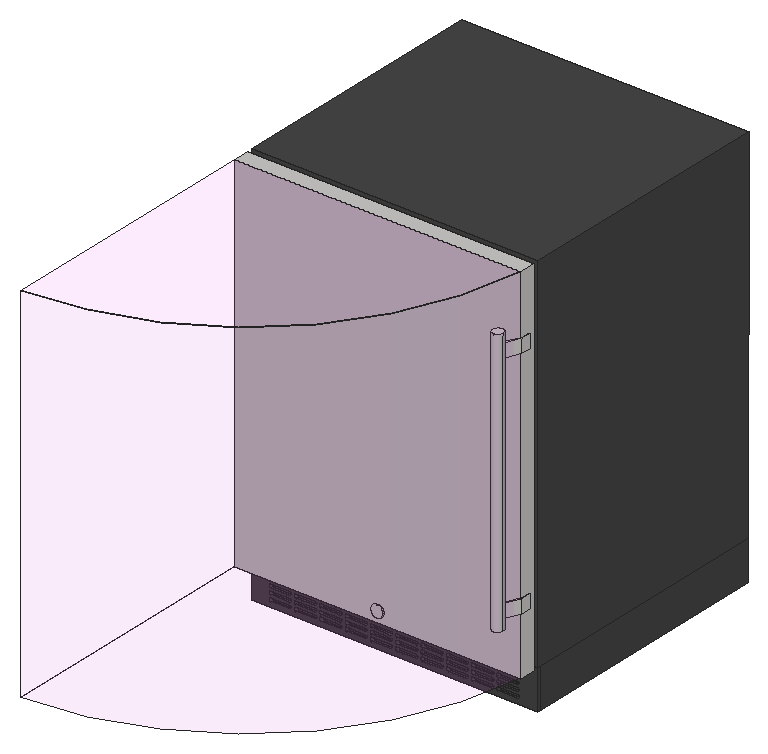
Revit family "QF_Summit_FF64BSS_Refrigerator", category Specialty Equipment, Revit 2020
Family settings
  Round Connector Dimension = Use Diameter
  Part Type = Normal
  Work Plane-Based = No
  Always vertical = Yes
  Cut with Voids When Loaded = No
  Shared = No
  Room Calculation Point = No
Parameters
  Weight in Pounds = 95
  Watts = Volts * FL Amps  # 92 W
  Volts = 115 V
  URL Cutsheet = ""
  Specification by User = ""
  Specification by Manufacturer = ""
  Show LHD [instance] = yes
  Right Hinged Door [instance] = not(Show LHD)  # no
  Serial Number = ""
  Seismic Rating = ""
  SMACNA No = ""
  Revision Code = ""
  Refrigerant Volume = 0.00 kip
  Refrigerant Type = "R600a"
  Phase = 1
  Number of Poles = 1
  NAFEM Spec ID Number = ""
  Model = "FF64BSS"
  Min Ckt Ampacity = 0 A
  Max Overcurrent Protection = 0 A
  Masterspec = ""
  Manufacturer = "Summit"
  Length = 23 5/8"
  Item Number = ""
  Installed By = ""
  Identify Quantity as Lot = yes
  Height = 34"
  HP = ""
  Furnished By = ""
  Foodservice Equipment Identifier = yes
  FL Amps = 0.8 A
  Electrical Remarks = ""
  Electric Connection Type = ""
  Elec Conn RI Height = 0"
  Elec Conn Connection Height = 0"
  Description = "Refrigerator"
  Depth = 23 1/2"
  Default Elevation = 0"
  Cycle = 60 Hz
  Conn Plug = ""
  Conn Conduit = yes
  CSI MasterFormat = ""
  BTUH = 0.0 Btu/h
  Apparent Power = if(Phase = 3, Volts * FL Amps * 1.73, Volts * FL Amps)  # 92 VA
Reference planes (in)
  plane 1 "BACK": y = 0
  plane 2: z = 0
  plane 3 "LEFT": x = 0
  plane 4 "RIGHT": x = 23.625
  plane 5 "FRONT": y = -23.5
  plane 6 "TOP": z = 34
  plane 7 "Center Y": x = 11.8125
  plane 8 "Center X": y = -11.75
  plane 9: y = -25.375
  plane 10: y = -45.625
  plane 11: z = 0.625
  plane 12: z = 3.875
  plane 13: x = 20.625
  plane 14: z = 29.93407
  plane 15: z = 7.94461
  plane 16: y = -21.75
Forms (in)
  Extrusion 1, solid, material "QF_Metallic_Paint_Black_Smooth"
    sketch origin (-4.07558, -180, 0.25) x (-1, 0, 0) y (0, -1, 0)
      loop
        line (-4.07558, -180) -> (-4.07558, -158.25) -> (-27.70058, -158.25) -> (-27.70058, -180) -> (-4.07558, -180)
    from 3.625 to 33.75
  Extrusion 2, solid, material "QF_Metal_Stainless_Polished"
    sketch origin (-5.77638, -181.125, 3.5) x (-1, 0, 0) y (0, -1, 0)
      loop
        line (-5.77638, -157.625) -> (-29.40138, -157.625) -> (-29.40138, -158.95152) -> (-5.77638, -158.95152) -> (-5.77638, -157.625)
    from 0.375 to 30.5
  Extrusion 3, solid, material "QF_Metallic_Paint_Black_Smooth"
    sketch origin (23.5, -22.17348, 3.5) x (-1, 0, 0) y (0, 0, 1)
      loop
        line (0.375, 0.875) -> (23, 0.875) -> (23, 30) -> (0.375, 30) -> (0.375, 0.875)
    from 0 to 0.42348
  Extrusion 4, solid, material "QF_Metal_Stainless_Polished", visible <- "Right Hinged Door"
    sketch origin (-2.3334, -181.3739, 28.75794) x (-1, 0, 0) y (0, -1, 0)
      loop
        line (-2.3334, -158.625) -> (-2.2084, -158.625) -> (-2.2084, -157.84805) -> (-2.68587, -156.74311) -> (-3.38781, -156.74311) -> (-3.38781, -156.86811) -> (-2.76803, -156.86811) -> (-2.3334, -157.8739) -> (-2.3334, -158.625)
    from 0.37098 to -0.75
  Extrusion 5, solid, material "QF_Metal_Stainless_Polished", visible <- "Right Hinged Door"
    sketch origin (-5.58148, -181.3739, 20.5) x (-1, 0, 0) y (0, -1, 0)
      loop
        circle (-6.30689, -156.43406) r 0.43516
    from -12.55539 to 9.43407
  Extrusion 6, solid, material "QF_Metallic_Paint_Black_Smooth"
    sketch origin (-12.48311, -21.75, 48.5) x (-1, 0, 0) y (0, 0, 1)
      loop
        line (-12.48311, -44.625) -> (-36.10811, -44.625) -> (-36.10811, -47.875) -> (-12.48311, -47.875) -> (-12.48311, -44.625)
      loop
        line (-22.4856, -46.09375) -> (-24.01685, -46.09375)
        arc (-24.01685, -46.09375) -> (-24.18872, -46.26563) -> (-24.01685, -46.4375) r 0.17187
        line (-24.01685, -46.4375) -> (-22.4856, -46.4375)
        arc (-22.4856, -46.4375) -> (-22.31372, -46.26563) -> (-22.4856, -46.09375) r 0.17187
      loop
        line (-22.4856, -46.59375) -> (-24.01685, -46.59375)
        arc (-24.01685, -46.59375) -> (-24.18872, -46.76563) -> (-24.01685, -46.9375) r 0.17187
        line (-24.01685, -46.9375) -> (-22.4856, -46.9375)
        arc (-22.4856, -46.9375) -> (-22.31372, -46.76563) -> (-22.4856, -46.59375) r 0.17187
      loop
        line (-22.4856, -47.09375) -> (-24.01685, -47.09375)
        arc (-24.01685, -47.09375) -> (-24.18872, -47.26563) -> (-24.01685, -47.4375) r 0.17187
        line (-24.01685, -47.4375) -> (-22.4856, -47.4375)
        arc (-22.4856, -47.4375) -> (-22.31372, -47.26563) -> (-22.4856, -47.09375) r 0.17187
      loop
        arc (-22.4856, -45.90625) -> (-22.31372, -45.73438) -> (-22.4856, -45.5625) r 0.17187
        line (-22.4856, -45.5625) -> (-24.01685, -45.5625)
        arc (-24.01685, -45.5625) -> (-24.18872, -45.73438) -> (-24.01685, -45.90625) r 0.17187
        line (-24.01685, -45.90625) -> (-22.4856, -45.90625)
      loop
        arc (-22.4856, -45.40625) -> (-22.31372, -45.23438) -> (-22.4856, -45.0625) r 0.17187
        line (-22.4856, -45.0625) -> (-24.01685, -45.0625)
        arc (-24.01685, -45.0625) -> (-24.18872, -45.23438) -> (-24.01685, -45.40625) r 0.17187
        line (-24.01685, -45.40625) -> (-22.4856, -45.40625)
      loop
        arc (-26.10561, -46.09375) -> (-26.27749, -46.26563) -> (-26.10561, -46.4375) r 0.17187
        line (-26.10561, -46.4375) -> (-24.57436, -46.4375)
        arc (-24.57436, -46.4375) -> (-24.40249, -46.26563) -> (-24.57436, -46.09375) r 0.17187
        line (-24.57436, -46.09375) -> (-26.10561, -46.09375)
      loop
        arc (-26.10561, -46.59375) -> (-26.27749, -46.76563) -> (-26.10561, -46.9375) r 0.17187
        line (-26.10561, -46.9375) -> (-24.57436, -46.9375)
        arc (-24.57436, -46.9375) -> (-24.40249, -46.76563) -> (-24.57436, -46.59375) r 0.17187
        line (-24.57436, -46.59375) -> (-26.10561, -46.59375)
      loop
        arc (-26.10561, -47.09375) -> (-26.27749, -47.26563) -> (-26.10561, -47.4375) r 0.17187
        line (-26.10561, -47.4375) -> (-24.57436, -47.4375)
        arc (-24.57436, -47.4375) -> (-24.40249, -47.26563) -> (-24.57436, -47.09375) r 0.17187
        line (-24.57436, -47.09375) -> (-26.10561, -47.09375)
      loop
        line (-26.10561, -45.90625) -> (-24.57436, -45.90625)
        arc (-24.57436, -45.90625) -> (-24.40249, -45.73438) -> (-24.57436, -45.5625) r 0.17187
        line (-24.57436, -45.5625) -> (-26.10561, -45.5625)
        arc (-26.10561, -45.5625) -> (-26.27749, -45.73438) -> (-26.10561, -45.90625) r 0.17187
      loop
        line (-26.10561, -45.40625) -> (-24.57436, -45.40625)
        arc (-24.57436, -45.40625) -> (-24.40249, -45.23438) -> (-24.57436, -45.0625) r 0.17187
        line (-24.57436, -45.0625) -> (-26.10561, -45.0625)
        arc (-26.10561, -45.0625) -> (-26.27749, -45.23438) -> (-26.10561, -45.40625) r 0.17187
      loop
        line (-20.39683, -46.09375) -> (-21.92808, -46.09375)
        arc (-21.92808, -46.09375) -> (-22.09995, -46.26563) -> (-21.92808, -46.4375) r 0.17187
        line (-21.92808, -46.4375) -> (-20.39683, -46.4375)
        arc (-20.39683, -46.4375) -> (-20.22495, -46.26563) -> (-20.39683, -46.09375) r 0.17187
      loop
        line (-20.39683, -46.59375) -> (-21.92808, -46.59375)
        arc (-21.92808, -46.59375) -> (-22.09995, -46.76563) -> (-21.92808, -46.9375) r 0.17187
        line (-21.92808, -46.9375) -> (-20.39683, -46.9375)
        arc (-20.39683, -46.9375) -> (-20.22495, -46.76563) -> (-20.39683, -46.59375) r 0.17187
      loop
        line (-20.39683, -47.09375) -> (-21.92808, -47.09375)
        arc (-21.92808, -47.09375) -> (-22.09995, -47.26563) -> (-21.92808, -47.4375) r 0.17187
        line (-21.92808, -47.4375) -> (-20.39683, -47.4375)
        arc (-20.39683, -47.4375) -> (-20.22495, -47.26563) -> (-20.39683, -47.09375) r 0.17187
      loop
        arc (-20.39683, -45.90625) -> (-20.22495, -45.73438) -> (-20.39683, -45.5625) r 0.17187
        line (-20.39683, -45.5625) -> (-21.92808, -45.5625)
        arc (-21.92808, -45.5625) -> (-22.09995, -45.73438) -> (-21.92808, -45.90625) r 0.17187
        line (-21.92808, -45.90625) -> (-20.39683, -45.90625)
      loop
        arc (-20.39683, -45.40625) -> (-20.22495, -45.23438) -> (-20.39683, -45.0625) r 0.17187
        line (-20.39683, -45.0625) -> (-21.92808, -45.0625)
        arc (-21.92808, -45.0625) -> (-22.09995, -45.23438) -> (-21.92808, -45.40625) r 0.17187
        line (-21.92808, -45.40625) -> (-20.39683, -45.40625)
      loop
        line (-18.30806, -46.09375) -> (-19.83931, -46.09375)
        arc (-19.83931, -46.09375) -> (-20.01119, -46.26563) -> (-19.83931, -46.4375) r 0.17187
        line (-19.83931, -46.4375) -> (-18.30806, -46.4375)
        arc (-18.30806, -46.4375) -> (-18.13619, -46.26563) -> (-18.30806, -46.09375) r 0.17187
      loop
        line (-18.30806, -46.59375) -> (-19.83931, -46.59375)
        arc (-19.83931, -46.59375) -> (-20.01119, -46.76563) -> (-19.83931, -46.9375) r 0.17187
        line (-19.83931, -46.9375) -> (-18.30806, -46.9375)
        arc (-18.30806, -46.9375) -> (-18.13619, -46.76563) -> (-18.30806, -46.59375) r 0.17187
      loop
        line (-18.30806, -47.09375) -> (-19.83931, -47.09375)
        arc (-19.83931, -47.09375) -> (-20.01119, -47.26563) -> (-19.83931, -47.4375) r 0.17187
        line (-19.83931, -47.4375) -> (-18.30806, -47.4375)
        arc (-18.30806, -47.4375) -> (-18.13619, -47.26563) -> (-18.30806, -47.09375) r 0.17187
      loop
        arc (-18.30806, -45.90625) -> (-18.13619, -45.73438) -> (-18.30806, -45.5625) r 0.17187
        line (-18.30806, -45.5625) -> (-19.83931, -45.5625)
        arc (-19.83931, -45.5625) -> (-20.01119, -45.73438) -> (-19.83931, -45.90625) r 0.17187
        line (-19.83931, -45.90625) -> (-18.30806, -45.90625)
      loop
        arc (-18.30806, -45.40625) -> (-18.13619, -45.23438) -> (-18.30806, -45.0625) r 0.17187
        line (-18.30806, -45.0625) -> (-19.83931, -45.0625)
        arc (-19.83931, -45.0625) -> (-20.01119, -45.23438) -> (-19.83931, -45.40625) r 0.17187
        line (-19.83931, -45.40625) -> (-18.30806, -45.40625)
      loop
        line (-16.21929, -46.09375) -> (-17.75054, -46.09375)
        arc (-17.75054, -46.09375) -> (-17.92242, -46.26563) -> (-17.75054, -46.4375) r 0.17187
        line (-17.75054, -46.4375) -> (-16.21929, -46.4375)
        arc (-16.21929, -46.4375) -> (-16.04742, -46.26563) -> (-16.21929, -46.09375) r 0.17187
      loop
        line (-16.21929, -46.59375) -> (-17.75054, -46.59375)
        arc (-17.75054, -46.59375) -> (-17.92242, -46.76563) -> (-17.75054, -46.9375) r 0.17187
        line (-17.75054, -46.9375) -> (-16.21929, -46.9375)
        arc (-16.21929, -46.9375) -> (-16.04742, -46.76563) -> (-16.21929, -46.59375) r 0.17187
      loop
        line (-16.21929, -47.09375) -> (-17.75054, -47.09375)
        arc (-17.75054, -47.09375) -> (-17.92242, -47.26563) -> (-17.75054, -47.4375) r 0.17187
        line (-17.75054, -47.4375) -> (-16.21929, -47.4375)
        arc (-16.21929, -47.4375) -> (-16.04742, -47.26563) -> (-16.21929, -47.09375) r 0.17187
      loop
        arc (-16.21929, -45.90625) -> (-16.04742, -45.73438) -> (-16.21929, -45.5625) r 0.17187
        line (-16.21929, -45.5625) -> (-17.75054, -45.5625)
        arc (-17.75054, -45.5625) -> (-17.92242, -45.73438) -> (-17.75054, -45.90625) r 0.17187
        line (-17.75054, -45.90625) -> (-16.21929, -45.90625)
      loop
        arc (-16.21929, -45.40625) -> (-16.04742, -45.23438) -> (-16.21929, -45.0625) r 0.17187
        line (-16.21929, -45.0625) -> (-17.75054, -45.0625)
        arc (-17.75054, -45.0625) -> (-17.92242, -45.23438) -> (-17.75054, -45.40625) r 0.17187
        line (-17.75054, -45.40625) -> (-16.21929, -45.40625)
      loop
        line (-14.13053, -46.09375) -> (-15.66178, -46.09375)
        arc (-15.66178, -46.09375) -> (-15.83365, -46.26563) -> (-15.66178, -46.4375) r 0.17187
        line (-15.66178, -46.4375) -> (-14.13053, -46.4375)
        arc (-14.13053, -46.4375) -> (-13.95865, -46.26563) -> (-14.13053, -46.09375) r 0.17187
      loop
        line (-14.13053, -46.59375) -> (-15.66178, -46.59375)
        arc (-15.66178, -46.59375) -> (-15.83365, -46.76563) -> (-15.66178, -46.9375) r 0.17187
        line (-15.66178, -46.9375) -> (-14.13053, -46.9375)
        arc (-14.13053, -46.9375) -> (-13.95865, -46.76563) -> (-14.13053, -46.59375) r 0.17187
      loop
        line (-14.13053, -47.09375) -> (-15.66178, -47.09375)
        arc (-15.66178, -47.09375) -> (-15.83365, -47.26563) -> (-15.66178, -47.4375) r 0.17187
        line (-15.66178, -47.4375) -> (-14.13053, -47.4375)
        arc (-14.13053, -47.4375) -> (-13.95865, -47.26563) -> (-14.13053, -47.09375) r 0.17187
      loop
        arc (-14.13053, -45.90625) -> (-13.95865, -45.73438) -> (-14.13053, -45.5625) r 0.17187
        line (-14.13053, -45.5625) -> (-15.66178, -45.5625)
        arc (-15.66178, -45.5625) -> (-15.83365, -45.73438) -> (-15.66178, -45.90625) r 0.17187
        line (-15.66178, -45.90625) -> (-14.13053, -45.90625)
      loop
        arc (-14.13053, -45.40625) -> (-13.95865, -45.23438) -> (-14.13053, -45.0625) r 0.17187
        line (-14.13053, -45.0625) -> (-15.66178, -45.0625)
        arc (-15.66178, -45.0625) -> (-15.83365, -45.23438) -> (-15.66178, -45.40625) r 0.17187
        line (-15.66178, -45.40625) -> (-14.13053, -45.40625)
      loop
        arc (-28.19438, -46.09375) -> (-28.36626, -46.26563) -> (-28.19438, -46.4375) r 0.17187
        line (-28.19438, -46.4375) -> (-26.66313, -46.4375)
        arc (-26.66313, -46.4375) -> (-26.49126, -46.26563) -> (-26.66313, -46.09375) r 0.17187
        line (-26.66313, -46.09375) -> (-28.19438, -46.09375)
      loop
        arc (-28.19438, -46.59375) -> (-28.36626, -46.76563) -> (-28.19438, -46.9375) r 0.17187
        line (-28.19438, -46.9375) -> (-26.66313, -46.9375)
        arc (-26.66313, -46.9375) -> (-26.49126, -46.76563) -> (-26.66313, -46.59375) r 0.17187
        line (-26.66313, -46.59375) -> (-28.19438, -46.59375)
      loop
        arc (-28.19438, -47.09375) -> (-28.36626, -47.26563) -> (-28.19438, -47.4375) r 0.17187
        line (-28.19438, -47.4375) -> (-26.66313, -47.4375)
        arc (-26.66313, -47.4375) -> (-26.49126, -47.26563) -> (-26.66313, -47.09375) r 0.17187
        line (-26.66313, -47.09375) -> (-28.19438, -47.09375)
      loop
        line (-28.19438, -45.90625) -> (-26.66313, -45.90625)
        arc (-26.66313, -45.90625) -> (-26.49126, -45.73438) -> (-26.66313, -45.5625) r 0.17187
        line (-26.66313, -45.5625) -> (-28.19438, -45.5625)
        arc (-28.19438, -45.5625) -> (-28.36626, -45.73438) -> (-28.19438, -45.90625) r 0.17187
      loop
        line (-28.19438, -45.40625) -> (-26.66313, -45.40625)
        arc (-26.66313, -45.40625) -> (-26.49126, -45.23438) -> (-26.66313, -45.0625) r 0.17187
        line (-26.66313, -45.0625) -> (-28.19438, -45.0625)
        arc (-28.19438, -45.0625) -> (-28.36626, -45.23438) -> (-28.19438, -45.40625) r 0.17187
      loop
        arc (-30.28315, -46.09375) -> (-30.45502, -46.26563) -> (-30.28315, -46.4375) r 0.17187
        line (-30.28315, -46.4375) -> (-28.7519, -46.4375)
        arc (-28.7519, -46.4375) -> (-28.58002, -46.26563) -> (-28.7519, -46.09375) r 0.17187
        line (-28.7519, -46.09375) -> (-30.28315, -46.09375)
      loop
        arc (-30.28315, -46.59375) -> (-30.45502, -46.76563) -> (-30.28315, -46.9375) r 0.17187
        line (-30.28315, -46.9375) -> (-28.7519, -46.9375)
        arc (-28.7519, -46.9375) -> (-28.58002, -46.76563) -> (-28.7519, -46.59375) r 0.17187
        line (-28.7519, -46.59375) -> (-30.28315, -46.59375)
      loop
        arc (-30.28315, -47.09375) -> (-30.45502, -47.26563) -> (-30.28315, -47.4375) r 0.17187
        line (-30.28315, -47.4375) -> (-28.7519, -47.4375)
        arc (-28.7519, -47.4375) -> (-28.58002, -47.26563) -> (-28.7519, -47.09375) r 0.17187
        line (-28.7519, -47.09375) -> (-30.28315, -47.09375)
      loop
        line (-30.28315, -45.90625) -> (-28.7519, -45.90625)
        arc (-28.7519, -45.90625) -> (-28.58002, -45.73438) -> (-28.7519, -45.5625) r 0.17187
        line (-28.7519, -45.5625) -> (-30.28315, -45.5625)
        arc (-30.28315, -45.5625) -> (-30.45502, -45.73438) -> (-30.28315, -45.90625) r 0.17187
      loop
        line (-30.28315, -45.40625) -> (-28.7519, -45.40625)
        arc (-28.7519, -45.40625) -> (-28.58002, -45.23438) -> (-28.7519, -45.0625) r 0.17187
        line (-28.7519, -45.0625) -> (-30.28315, -45.0625)
        arc (-30.28315, -45.0625) -> (-30.45502, -45.23438) -> (-30.28315, -45.40625) r 0.17187
      loop
        arc (-32.37192, -46.09375) -> (-32.54379, -46.26563) -> (-32.37192, -46.4375) r 0.17187
        line (-32.37192, -46.4375) -> (-30.84067, -46.4375)
        arc (-30.84067, -46.4375) -> (-30.66879, -46.26563) -> (-30.84067, -46.09375) r 0.17187
        line (-30.84067, -46.09375) -> (-32.37192, -46.09375)
      loop
        arc (-32.37192, -46.59375) -> (-32.54379, -46.76563) -> (-32.37192, -46.9375) r 0.17187
        line (-32.37192, -46.9375) -> (-30.84067, -46.9375)
        arc (-30.84067, -46.9375) -> (-30.66879, -46.76563) -> (-30.84067, -46.59375) r 0.17187
        line (-30.84067, -46.59375) -> (-32.37192, -46.59375)
      loop
        arc (-32.37192, -47.09375) -> (-32.54379, -47.26563) -> (-32.37192, -47.4375) r 0.17187
        line (-32.37192, -47.4375) -> (-30.84067, -47.4375)
        arc (-30.84067, -47.4375) -> (-30.66879, -47.26563) -> (-30.84067, -47.09375) r 0.17187
        line (-30.84067, -47.09375) -> (-32.37192, -47.09375)
      loop
        line (-32.37192, -45.90625) -> (-30.84067, -45.90625)
        arc (-30.84067, -45.90625) -> (-30.66879, -45.73438) -> (-30.84067, -45.5625) r 0.17187
        line (-30.84067, -45.5625) -> (-32.37192, -45.5625)
        arc (-32.37192, -45.5625) -> (-32.54379, -45.73438) -> (-32.37192, -45.90625) r 0.17187
      loop
        line (-32.37192, -45.40625) -> (-30.84067, -45.40625)
        arc (-30.84067, -45.40625) -> (-30.66879, -45.23438) -> (-30.84067, -45.0625) r 0.17187
        line (-30.84067, -45.0625) -> (-32.37192, -45.0625)
        arc (-32.37192, -45.0625) -> (-32.54379, -45.23438) -> (-32.37192, -45.40625) r 0.17187
      loop
        arc (-34.46068, -46.09375) -> (-34.63256, -46.26563) -> (-34.46068, -46.4375) r 0.17187
        line (-34.46068, -46.4375) -> (-32.92943, -46.4375)
        arc (-32.92943, -46.4375) -> (-32.75756, -46.26563) -> (-32.92943, -46.09375) r 0.17187
        line (-32.92943, -46.09375) -> (-34.46068, -46.09375)
      loop
        arc (-34.46068, -46.59375) -> (-34.63256, -46.76563) -> (-34.46068, -46.9375) r 0.17187
        line (-34.46068, -46.9375) -> (-32.92943, -46.9375)
        arc (-32.92943, -46.9375) -> (-32.75756, -46.76563) -> (-32.92943, -46.59375) r 0.17187
        line (-32.92943, -46.59375) -> (-34.46068, -46.59375)
      loop
        arc (-34.46068, -47.09375) -> (-34.63256, -47.26563) -> (-34.46068, -47.4375) r 0.17187
        line (-34.46068, -47.4375) -> (-32.92943, -47.4375)
        arc (-32.92943, -47.4375) -> (-32.75756, -47.26563) -> (-32.92943, -47.09375) r 0.17187
        line (-32.92943, -47.09375) -> (-34.46068, -47.09375)
      loop
        line (-34.46068, -45.90625) -> (-32.92943, -45.90625)
        arc (-32.92943, -45.90625) -> (-32.75756, -45.73438) -> (-32.92943, -45.5625) r 0.17187
        line (-32.92943, -45.5625) -> (-34.46068, -45.5625)
        arc (-34.46068, -45.5625) -> (-34.63256, -45.73438) -> (-34.46068, -45.90625) r 0.17187
      loop
        line (-34.46068, -45.40625) -> (-32.92943, -45.40625)
        arc (-32.92943, -45.40625) -> (-32.75756, -45.23438) -> (-32.92943, -45.0625) r 0.17187
        line (-32.92943, -45.0625) -> (-34.46068, -45.0625)
        arc (-34.46068, -45.0625) -> (-34.63256, -45.23438) -> (-34.46068, -45.40625) r 0.17187
    from 0 to 0.25
  Extrusion 7, solid, material "QF_Metallic_Paint_Black_Smooth"
    sketch origin (-12.48311, -1, 48.5) x (-1, 0, 0) y (0, 0, 1)
      loop
        line (-12.48311, -44.625) -> (-36.10811, -44.625) -> (-36.10811, -47.875) -> (-12.48311, -47.875) -> (-12.48311, -44.625)
    from -20.5 to 1
  Extrusion 8, solid, material "QF_Metallic_Paint_Black_Smooth"
    sketch origin (-1.5, 0, 0.5) x (1, 0, 0) y (0, 1, 0)
      loop
        circle (3.1104, -18.5) r 0.5
      loop
        circle (3.1104, -2.75) r 0.5
      loop
        circle (23.5146, -18.5) r 0.5
      loop
        circle (23.5146, -2.75) r 0.5
    from -0.5 to 0.125
  Extrusion 9, solid, material "QF_Metallic_Paint_Black_Smooth"
    sketch origin (3.16331, 0, 0.75) x (1, 0, 0) y (0, 0, -1)
      loop
        circle (17.46169, -1.34684) r 0.25
    from 0 to 0.25
  Extrusion 10, solid, material "QF_Metal_Stainless_Polished", visible <- "Right Hinged Door"
    sketch origin (-2.3334, -181.3739, 9.12074) x (0, 1, 0) y (1, 0, 0)
      loop
        line (158.625, 2.3334) -> (157.8739, 2.3334) -> (156.86811, 2.76803) -> (156.86811, 3.38781) -> (156.74311, 3.38781) -> (156.74311, 2.68587) -> (157.84805, 2.2084) -> (158.625, 2.2084) -> (158.625, 2.3334)
    from 0.37098 to -0.75
  Extrusion 11, solid, material "QF_Metal_Stainless_Polished"
    sketch origin (0, -23.5, 3.5) x (1, 0, 0) y (0, 0, 1)
      loop
        circle (11.8125, 1.25) r 0.5
    from 0 to 0.0625
  Extrusion 12, solid, material "QF_Clearances_Door_Drawer", visible <- "Right Hinged Door"
    sketch origin (-5.77638, -180, 3.875) x (-1, 0, 0) y (0, -1, 0)
      loop
        line (-29.40138, -156.5) -> (-5.77638, -156.5)
        arc (-5.77638, -156.5) -> (-13.44192, -141.0094) -> (-29.40138, -134.375) r 24.61944
        line (-29.40138, -134.375) -> (-29.40138, -156.5)
    from 0 to 30.125
  Extrusion 13, solid, material "QF_Clearances_Door_Drawer", visible <- "Show LHD"
    sketch origin (29.40138, -180, 3.875) x (1, 0, 0) y (0, 1, 0)
      loop
        line (-29.40138, 156.5) -> (-29.40138, 134.375)
        arc (-29.40138, 134.375) -> (-13.44192, 141.0094) -> (-5.77638, 156.5) r 24.61944
        line (-5.77638, 156.5) -> (-29.40138, 156.5)
    from 0 to 30.125
  Extrusion 14, solid, material "QF_Metal_Stainless_Polished", visible <- "Show LHD"
    sketch origin (25.9584, -181.3739, 28.75794) x (1, 0, 0) y (0, 1, 0)
      loop
        line (-2.3334, 158.625) -> (-2.3334, 157.8739) -> (-2.76803, 156.86811) -> (-3.38781, 156.86811) -> (-3.38781, 156.74311) -> (-2.68587, 156.74311) -> (-2.2084, 157.84805) -> (-2.2084, 158.625) -> (-2.3334, 158.625)
    from 0.37098 to -0.75
  Extrusion 15, solid, material "QF_Metal_Stainless_Polished", visible <- "Show LHD"
    sketch origin (29.20648, -181.3739, 20.5) x (1, 0, 0) y (0, 1, 0)
      loop
        circle (-6.30689, 156.43406) r 0.43516
    from -12.55539 to 9.43407
  Extrusion 16, solid, material "QF_Metal_Stainless_Polished", visible <- "Show LHD"
    sketch origin (25.9584, -181.3739, 9.12074) x (0, -1, 0) y (-1, 0, 0)
      loop
        line (-158.625, 2.3334) -> (-158.625, 2.2084) -> (-157.84805, 2.2084) -> (-156.74311, 2.68587) -> (-156.74311, 3.38781) -> (-156.86811, 3.38781) -> (-156.86811, 2.76803) -> (-157.8739, 2.3334) -> (-158.625, 2.3334)
    from 0.37098 to -0.75
Lines and regions (in)
  symbolic lines
    curve 1: line (23.625, 0, 0) -> (0, 0, 0)
    curve 2: line (23.625, -21.75, 0) -> (23.625, 0, 0)
    curve 3: line (0, -21.75, 0) -> (23.625, -21.75, 0)
    curve 4: line (0, 0, 0) -> (0, -21.75, 0)
    curve 5: line (23.625, -22.17348, 0) -> (0, -22.17348, 0)
    curve 6: line (0, -22.17348, 0) -> (0, -23.5, 0)
    curve 7: line (0, -23.5, 0) -> (23.625, -23.5, 0)
    curve 8: line (23.625, -23.5, 0) -> (23.625, -22.17348, 0)
    curve 9: line (0.5, -21.75, 0) -> (0.5, -22.17348, 0)
    curve 10: line (23.125, -22.17348, 0) -> (23.125, -21.75, 0)
  symbolic lines, visible <- "Right Hinged Door"
    curve 11: arc (1.16057, -24.93984, 0) -> (0.72541, -24.50468, 0) -> (0.29026, -24.93984, 0) r 0.43516
    curve 12: arc (0.29026, -24.93984, 0) -> (0.72541, -25.375, 0) -> (1.16057, -24.93984, 0) r 0.43516
    curve 13: line (0.35247, -24.63078, 0) -> (0.41907, -24.63078, 0)
    curve 14: line (1.05442, -24.50578, 0) -> (0.43463, -24.50578, 0)
    curve 15: line (1.05442, -24.63078, 0) -> (1.05442, -24.50578, 0)
    curve 16: line (-0.125, -23.52585, 0) -> (0.35247, -24.63078, 0)
    curve 17: line (0.43463, -24.50578, 0) -> (0, -23.5, 0)
    curve 18: line (-0.125, -22.7489, 0) -> (-0.125, -23.52585, 0)
    curve 19: line (0, -22.7489, 0) -> (-0.125, -22.7489, 0)
    curve 20: line (1.03176, -24.63078, 0) -> (1.05442, -24.63078, 0)
  symbolic lines, style "QF_Clearances_Door_Drawer", visible <- "Right Hinged Door"
    curve 21: line (23.625, -23.5, 0) -> (4.08102, -34.78372, 0)
    curve 22: arc (0, -23.5, 0) -> (1.34256, -29.39429, 0) -> (4.08102, -34.78372, 0) r 24.61944
  symbolic lines, style "QF_Clearances_Door_Drawer", visible <- "Show LHD"
    curve 23: line (0, -23.5, 0) -> (19.54398, -34.78372, 0)
    curve 24: arc (23.625, -23.5, 0) -> (22.28244, -29.39429, 0) -> (19.54398, -34.78372, 0) r 24.61944
  symbolic lines, visible <- "Show LHD"
    curve 25: arc (22.46443, -24.93984, 0) -> (22.89959, -24.50468, 0) -> (23.33474, -24.93984, 0) r 0.43516
    curve 26: arc (23.33474, -24.93984, 0) -> (22.89959, -25.375, 0) -> (22.46443, -24.93984, 0) r 0.43516
    curve 27: line (23.27253, -24.63078, 0) -> (23.20593, -24.63078, 0)
    curve 28: line (22.57058, -24.50578, 0) -> (23.19037, -24.50578, 0)
    curve 29: line (22.57058, -24.63078, 0) -> (22.57058, -24.50578, 0)
    curve 30: line (23.75, -23.52585, 0) -> (23.27253, -24.63078, 0)
    curve 31: line (23.19037, -24.50578, 0) -> (23.625, -23.5, 0)
    curve 32: line (23.75, -22.7489, 0) -> (23.75, -23.52585, 0)
    curve 33: line (23.625, -22.7489, 0) -> (23.75, -22.7489, 0)
Dimensions and locks (in)
  equal spacing: plane 3 "LEFT", plane 7 "Center Y", plane 4 "RIGHT"
  "Length": plane 3 "LEFT" to plane 4 "RIGHT"
  equal spacing: plane 5 "FRONT", plane 8 "Center X", plane 1 "BACK"
  "Depth": plane 5 "FRONT" to plane 1 "BACK"
  "Height": plane 6 "TOP" to level
  plane 4 "RIGHT" to plane 3 "LEFT" = 23 5/8"
  locked: plane 9 to plane 5 "FRONT" at 1.875
  plane 11 to plane 2 = 5/8"
  locked: plane 12 to plane 11 at 3.25
  plane 10 to plane 1 "BACK" = 45 5/8"
  plane 16 to plane 1 "BACK" = 21 3/4"
  aligned and locked: level to plane 2
Automatic sketch dimensions
  curve 11 to curve 12 = 0"  (x2)
  curve 25 to curve 26 = 0"  (x2)
  curve 22 to plane 3 "LEFT" = 0"
  plane 1 "BACK" to curve 4 = 0"
  curve 4 to plane 3 "LEFT" = 0"
  curve 9 to plane 16 = 0"
  curve 21 to plane 4 "RIGHT" = 0"
  curve 3 to plane 4 "RIGHT" = 0"
  plane 5 "FRONT" to curve 17 = 0"
  plane 5 "FRONT" to curve 16 = 0.02585"
  curve 16 to plane 3 "LEFT" = 1/8"
  curve 24 to plane 3 "LEFT" = 0.8693"
  plane 3 "LEFT" to curve 13 = 0.35247"
  curve 13 to curve 17 = 0.08216"
  curve 13 to curve 12 = 0.37294"
  curve 11 to curve 15 = 0.329"
  plane 3 "LEFT" to curve 21 = 4.08102"
  plane 13 to curve 23 = 1.08102"
  plane 4 "RIGHT" to curve 28 = 1.05442"
  curve 29 to curve 25 = 0.329"
  plane 4 "RIGHT" to curve 31 = 0.43463"
  curve 28 to curve 27 = 0.08216"
  curve 32 to plane 4 "RIGHT" = 1/8"
  curve 22 to plane 4 "RIGHT" = 0.8693"
  plane 5 "FRONT" to curve 30 = 0.02585"
  plane 9 to curve 17 = 0.86922"
  plane 9 to curve 31 = 0.86922"
  curve 15 to curve 14 = 1/8"
  curve 30 to curve 28 = 1/8"
  curve 29 to curve 28 = 1/8"
  curve 16 to curve 14 = 1/8"
  curve 11 to curve 20 = 0.30906"
  curve 26 to curve 27 = 0.30906"
  curve 21 to curve 11 = 9.84388"
  curve 23 to curve 25 = 9.84388"
  curve 32 to plane 5 "FRONT" = 0.7511"
  curve 18 to plane 5 "FRONT" = 0.7511"
  curve 5 to curve 2 = 0.42348"
  plane 3 "LEFT" to curve 12 = 0.29026"
  curve 3 to curve 9 = 1/2"
  curve 25 to curve 29 = 0.10616"
  plane 4 "RIGHT" to curve 10 = 1/2"
  plane 1 "BACK" to Extrusion 1 sketch curve = 0"
  Extrusion 1 sketch curve to plane 4 "RIGHT" = 0"
  Extrusion 1 sketch curve to plane 3 "LEFT" = 0"
  Extrusion 1 sketch curve to plane 16 = 0"
  Extrusion 2 sketch curve to plane 4 "RIGHT" = 0"
  Extrusion 2 sketch curve to plane 3 "LEFT" = 0"
  plane 5 "FRONT" to Extrusion 2 sketch curve = 0"
  Extrusion 2 sketch curve to plane 16 = 0.42348"
  Extrusion 2 to Extrusion 3 sketch curve = 1/2"  (x3)
  Extrusion 3 sketch curve to Extrusion 2 = 1/2"
  Extrusion 4 sketch curve to plane 3 "LEFT" = 0"
  plane 5 "FRONT" to Extrusion 4 sketch curve = 0"
  plane 3 "LEFT" to Extrusion 4 sketch curve = 0.35247"
  Extrusion 4 sketch curve to Extrusion 4 sketch curve = 0.08216"
  Extrusion 4 sketch curve to Extrusion 4 sketch curve = 0.61979"
  Extrusion 4 sketch curve to plane 3 "LEFT" = 1/8"
  Extrusion 4 sketch curve to Extrusion 4 sketch curve = 0.7511"
  plane 5 "FRONT" to Extrusion 4 sketch curve = 0.02585"
  plane 9 to Extrusion 4 sketch curve = 0.86922"
  Extrusion 4 sketch curve to Extrusion 4 sketch curve = 1/8"
  plane 3 "LEFT" to Extrusion 5 sketch curve = 0.72541"
  plane 9 to Extrusion 5 sketch curve = 0.43516"
  plane 4 "RIGHT" to Extrusion 6 sketch curve = 0"
  Extrusion 6 sketch curve to plane 3 "LEFT" = 0"
  Extrusion 6 sketch curve to plane 11 = 0"
  Extrusion 6 sketch curve to plane 12 = 0"
  Extrusion 6 sketch curve to plane 12 = 39/64"  (x2)
  Extrusion 6 sketch curve to plane 13 = 1.35258"  (x2)
  Extrusion 6 sketch curve to Extrusion 6 sketch curve = 0"  (x66)
  plane 13 to Extrusion 6 sketch curve = 0.17867"  (x3)
  Extrusion 6 sketch curve to Extrusion 6 sketch curve = 0.55752"  (x14)
  Extrusion 6 sketch curve to Extrusion 6 sketch curve = 1 17/32"  (x8)
  plane 11 to Extrusion 6 sketch curve = 7/16"  (x8)
  plane 7 "Center Y" to Extrusion 6 sketch curve = 0.27876"  (x4)
  Extrusion 6 sketch curve to plane 7 "Center Y" = 0.27876"  (x3)
  plane 11 to Extrusion 6 sketch curve = 39/64"  (x2)
  Extrusion 6 sketch curve to Extrusion 6 sketch curve = 11/64"  (x48)
  Extrusion 6 sketch curve to Extrusion 6 sketch curve = 5/32"  (x30)
  Extrusion 6 sketch curve to Extrusion 6 sketch curve = 3/16"  (x10)
  plane 4 "RIGHT" to Extrusion 7 sketch curve = 0"
  Extrusion 7 sketch curve to plane 3 "LEFT" = 0"
  Extrusion 7 sketch curve to plane 11 = 0"
  Extrusion 7 sketch curve to plane 12 = 0"
  plane 3 "LEFT" to Extrusion 8 sketch curve = 1.6104"  (x2)
  Extrusion 8 sketch curve to plane 13 = 1.3896"  (x2)
  plane 16 to Extrusion 8 sketch curve = 3 1/4"  (x2)
  plane 1 "BACK" to Extrusion 8 sketch curve = 2 3/4"  (x2)
  Extrusion 9 sketch curve to Extrusion 1 = 3"
  Extrusion 9 sketch curve to Extrusion 1 = 1.77816"
  Extrusion 10 sketch curve to plane 3 "LEFT" = 0"
  plane 5 "FRONT" to Extrusion 10 sketch curve = 0"
  plane 5 "FRONT" to Extrusion 10 sketch curve = 0.02585"
  plane 9 to Extrusion 10 sketch curve = 0.86922"
  plane 3 "LEFT" to Extrusion 10 sketch curve = 0.35247"
  Extrusion 10 sketch curve to Extrusion 10 sketch curve = 1/8"
  Extrusion 10 sketch curve to Extrusion 10 sketch curve = 0.7511"
  Extrusion 10 sketch curve to Extrusion 10 sketch curve = 0.08216"
  Extrusion 10 sketch curve to Extrusion 10 sketch curve = 0.61979"
  Extrusion 10 sketch curve to plane 3 "LEFT" = 1/8"
  Extrusion 2 to Extrusion 11 sketch curve = 7/8"
  Extrusion 2 to Extrusion 11 sketch curve = 11 13/16"
  Extrusion 12 sketch curve to plane 4 "RIGHT" = 0"
  Extrusion 12 sketch curve to plane 3 "LEFT" = 0"
  plane 5 "FRONT" to Extrusion 12 sketch curve = 0"
  Extrusion 12 sketch curve to plane 10 = 0"
  plane 16 to Extrusion 12 sketch curve = 0.72908"
  Extrusion 13 sketch curve to plane 3 "LEFT" = 0"
  Extrusion 13 sketch curve to plane 4 "RIGHT" = 0"
  Extrusion 13 sketch curve to plane 10 = 0"
  plane 5 "FRONT" to Extrusion 13 sketch curve = 0"
  plane 16 to Extrusion 13 sketch curve = 0.72908"
  Extrusion 14 sketch curve to plane 4 "RIGHT" = 0"
  plane 5 "FRONT" to Extrusion 14 sketch curve = 0"
  plane 4 "RIGHT" to Extrusion 14 sketch curve = 0.35247"
  Extrusion 14 sketch curve to Extrusion 14 sketch curve = 0.08216"
  Extrusion 14 sketch curve to Extrusion 14 sketch curve = 0.61979"
  Extrusion 14 sketch curve to plane 4 "RIGHT" = 1/8"
  plane 5 "FRONT" to Extrusion 14 sketch curve = 0.02585"
  plane 9 to Extrusion 14 sketch curve = 0.86922"
  Extrusion 14 sketch curve to Extrusion 14 sketch curve = 1/8"
  Extrusion 14 sketch curve to Extrusion 14 sketch curve = 0.7511"
  plane 4 "RIGHT" to Extrusion 15 sketch curve = 0.72541"
  plane 9 to Extrusion 15 sketch curve = 0.43516"
  Extrusion 16 sketch curve to plane 4 "RIGHT" = 0"
  plane 5 "FRONT" to Extrusion 16 sketch curve = 0"
  Extrusion 16 sketch curve to Extrusion 16 sketch curve = 0.7511"
  plane 5 "FRONT" to Extrusion 16 sketch curve = 0.02585"
  plane 9 to Extrusion 16 sketch curve = 0.86922"
  Extrusion 16 sketch curve to Extrusion 16 sketch curve = 1/8"
  plane 4 "RIGHT" to Extrusion 16 sketch curve = 0.35247"
  Extrusion 16 sketch curve to Extrusion 16 sketch curve = 0.08216"
  Extrusion 16 sketch curve to Extrusion 16 sketch curve = 0.61979"
  Extrusion 16 sketch curve to plane 4 "RIGHT" = 1/8"
  radius of Extrusion 5 sketch curve = 0.43516"
  radius of Extrusion 8 sketch curve = 1/2"  (x4)
  radius of Extrusion 9 sketch curve = 1/4"
  radius of Extrusion 11 sketch curve = 1/2"
  radius of Extrusion 15 sketch curve = 0.43516"
Connectors (in)
  electrical at (20.625, 0.25, 2.09684), driven by "Volts", driven by "Watts"
    settings: on Extrusion 9, index 1, voltage 115 V, apparent load 92 VA, apparent load phase1 0 VA, apparent load phase2 0 VA, apparent load phase3 0 VA, power factor 1, load classification "Other", number of poles 1, system type 30, power factor state 1, is connector primary yes, connector utility no, sub classification motor no, connector description "Electrical Connection"
